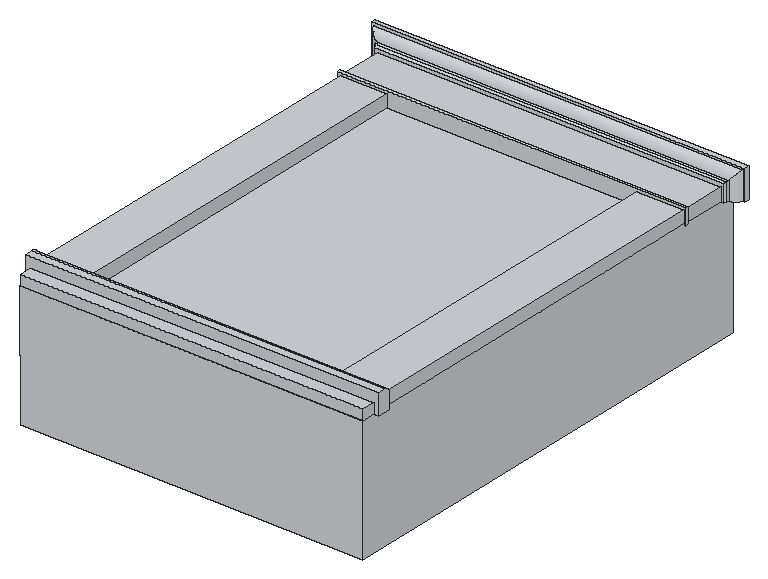
Revit family "09a0d176bbb245f18851703eb04c54eb", category Generic Models, host Face, Revit 2021
Family settings
  Host = Face
  Can host rebar = No
  Round Connector Dimension = Use Diameter
  Part Type = Normal
  Cut with Voids When Loaded = No
  Shared = Yes
  Room Calculation Point = No
Parameters (values of type "with Apron")
  Trim Width = 0' - 4 1/2"
  Trim Thickness = 0' - 1 1/4"
  Trim Material [instance] = none
  Sill Thickness = 0' - 1 1/4"
  Opening Width [instance] = 2' - 0"
  Opening Height [instance] = 3' - 0"
  Length = Cornice Thickness * 0.8  # 0' - 1.2"
  Default Elevation = 4' - 0"
  Cornice Thickness = 0' - 1 1/2"
  Cornice Depth = Trim Thickness + 0' 1 5/8"  # 0' - 2 7/8"
  Apron Visibility = yes
  Apron Thickness = 0' - 1 1/4"
Types (2): name | Apron Visibility
  with Apron | yes
  without Apron | no
Reference planes (in)
  plane 1 "Center (Front/Back)": y = 0
  plane 2: z = 0
  plane 3 "Center (Left/Right)": x = 0
  plane 4: y = 4.5
  plane 5 "Left": x = -12
  plane 6 "Right": x = 12
  plane 7 "Bottom": y = -36
  plane 8: x = 16.5
  plane 9 "1": x = -16.5
  plane 10: z = 1.25
  plane 11: x = 16.75
  plane 12: x = -16.75
  plane 13: y = -18
  plane 14: y = 6
  plane 15: z = 2.875
  plane 16: z = 2
  plane 17: x = -17.95
  plane 18: x = 17.95
  plane 19: y = -37.25
  plane 20: x = -17
  plane 21: x = 17
  plane 22: y = 5.35714
  plane 23: y = 4.92857
  plane 24: z = 1.5625
  plane 25: z = 1.5625
  plane 26: z = 2.4375
  plane 27: y = 5.78571
  plane 28: y = 5.14286
  plane 29: y = 4.71429
  plane 30: y = 5.57143
  plane 31: z = 2.65625
  plane 32: z = 2.76562
  plane 33: z = 2.54687
  plane 34: y = 5.89286
  plane 35: y = 5.57143
  plane 36: y = 5.14286
  plane 37: y = 4.71429
  plane 38: y = 4.92857
  plane 39: y = 5.78571
  plane 40: y = 5.35714
  plane 41: x = -17.55
  plane 42: x = -17.15
  plane 43: x = 17.15
  plane 44: x = 17.55
  plane 45: y = 0.25
  plane 46: z = 1.5
  plane 47: y = -38.5
  plane 48: z = 1
  plane 49: z = 1.78125
  plane 50: x = -17.75
  plane 51: x = -16.95
  plane 52: z = 2
  plane 53: z = 1.5
  plane 54: y = -36.5
  plane 55: x = 16.95
  plane 56: x = 17.75
Forms (in)
  Extrusion 1, solid
    sketch origin (0, 0, 0) x (1, 0, 0) y (0, 1, 0)
      loop
        line (-16.5, 6) -> (-16.5, -38.5) -> (16.5, -38.5) -> (16.5, 6) -> (-16.5, 6)
    from 0 to -12
  Extrusion 2, solid, material <- "Trim Material"
    sketch origin (0, 0, 0) x (1, 0, 0) y (0, 1, 0)
      loop
        line (-16.5, -36) -> (-12, -36) -> (-12, 0) -> (12, 0) -> (12, -36) -> (16.5, -36) -> (16.5, 4.5) -> (-16.5, 4.5) -> (-16.5, -36)
    from 0 to 1.25
  Extrusion 3, solid, material <- "Trim Material"
    sketch origin (0, 0, 0) x (0, 1, 0) y (0, 0, 1)
      loop
        line (-36, 0) -> (-36, 1.5)
        arc (-36, 1.5) -> (-36.14645, 1.85355) -> (-36.5, 2) r 0.5
        line (-36.5, 2) -> (-37.25, 2) -> (-37.25, 0) -> (-36, 0)
    from -17 to 17
  Extrusion 4, solid, material <- "Trim Material"
    sketch origin (-16.5, 0, 0) x (0, -1, 0) y (0, 0, 1)
      loop
        line (-6, 0) -> (-4.5, 0) -> (-4.5, 1.5625)
        arc (-4.5, 1.5625) -> (-4.64461, 1.63517) -> (-4.71429, 1.78125) r 0.24972
        line (-4.71429, 1.78125) -> (-4.92857, 1.78125)
        arc (-4.92857, 1.78125) -> (-5.12992, 2.30697) -> (-5.57143, 2.65625) r 1.06348
        line (-5.57143, 2.65625) -> (-5.57143, 2.875) -> (-6, 2.875) -> (-6, 0)
    from -34.45 to 1.45
  Extrusion 5, void
    sketch origin (0, 0, 0) x (1, 0, 0) y (0, 1, 0)
      loop
        line (-17.95, 4.5) -> (-16.75, 4.5)
        arc (-16.75, 4.5) -> (-16.8153, 4.63953) -> (-16.95, 4.71429) r 0.25
        line (-16.95, 4.71429) -> (-16.95, 4.92857)
        arc (-16.95, 4.92857) -> (-17.43276, 5.147) -> (-17.75, 5.57143) r 1.0625
        line (-17.75, 5.57143) -> (-17.95, 5.57143) -> (-17.95, 4.5)
      loop
        line (16.75, 4.5) -> (17.95, 4.5) -> (17.95, 5.57143) -> (17.75, 5.57143)
        arc (17.75, 5.57143) -> (17.43276, 5.147) -> (16.95, 4.92857) r 1.0625
        line (16.95, 4.92857) -> (16.95, 4.71429)
        arc (16.95, 4.71429) -> (16.81533, 4.6395) -> (16.75, 4.5) r 0.2502
    from 0 to 2.875
  Extrusion 6, solid, material <- "Trim Material"
    sketch origin (0, 0, 0) x (1, 0, 0) y (0, 1, 0)
      loop
        line (-16.75, 0.25) -> (-16.75, 0) -> (16.75, 0) -> (16.75, 0.25) -> (-16.75, 0.25)
    from 0 to 1.5
  Extrusion 7, solid, material <- "Trim Material", visible <- "Apron Visibility"
    sketch origin (-12, 0, 0) x (0, 1, 0) y (0, 0, 1)
      loop
        line (-37.25, 1) -> (-38.5, 1) -> (-38.5, 0) -> (-37.25, 0) -> (-37.25, 1)
    from -4.5 to 28.5
Cuts and joins
  joined: Extrusion 2, Extrusion 6
  Extrusion 5 cuts Extrusion 4
Dimensions and locks (in)
  equal spacing: plane 5 "Left", plane 3 "Center (Left/Right)", plane 6 "Right"
  "Opening Width": plane 5 "Left" to plane 6 "Right"
  "Opening Height": plane 7 "Bottom" to plane 1 "Center (Front/Back)"
  "Trim Width": plane 9 "1" to plane 5 "Left"
  "Trim Width": plane 6 "Right" to plane 8
  "Trim Width": plane 1 "Center (Front/Back)" to plane 4
  locked: plane 12 to plane 9 "1" at 0.25
  locked: plane 8 to plane 11 at 0.25
  equal spacing: plane 7 "Bottom", plane 13, plane 1 "Center (Front/Back)"
  "Trim Thickness": plane 10 to plane 2
  "Length": plane 17 to plane 12
  "Length": plane 11 to plane 18
  "Cornice Thickness": plane 14 to plane 4
  "Sill Thickness": plane 7 "Bottom" to plane 19
  "Cornice Depth": plane 15 to plane 2
  locked: plane 20 to plane 9 "1" at 0.5
  locked: plane 8 to plane 21 at 0.5
  locked: plane 25 to plane 10 at 0.3125
  equal spacing: plane 15, plane 26, plane 16, plane 25
  equal spacing: plane 14, plane 27, plane 30, plane 22, plane 28, plane 23, plane 29, plane 4
  equal spacing: plane 15, plane 32, plane 31, plane 33, plane 26
  equal spacing: plane 14, plane 34, plane 27
  equal spacing: plane 14, plane 39, plane 35, plane 40, plane 36, plane 38, plane 37, plane 4
  equal spacing: plane 17, plane 41, plane 42, plane 12
  equal spacing: plane 11, plane 43, plane 44, plane 18
  locked: plane 45 to plane 1 "Center (Front/Back)" at 0.25
  locked: plane 46 to plane 10 at 0.25
  "Apron Thickness": plane 19 to plane 47
  locked: plane 48 to plane 2 at 1
  equal spacing: plane 16, plane 49, plane 25
  equal spacing: plane 17, plane 50, plane 41
  equal spacing: plane 42, plane 51, plane 12
  locked: plane 52 to plane 10 at 0.75
  locked: plane 52 to plane 53 at 0.5
  locked: plane 7 "Bottom" to plane 54 at 0.5
  equal spacing: plane 11, plane 55, plane 43
  equal spacing: plane 44, plane 56, plane 18
  radius of Extrusion 3 sketch curve = 0' - 0 1/2"
  locked: Extrusion 3 sketch curve to Extrusion 3 sketch curve (angle 90.00°)
  aligned and locked: plane 2 to Extrusion 1
  aligned and locked: level to Extrusion 1
  aligned and locked: Extrusion 2 sketch curve to plane 5 "Left"
  aligned and locked: Extrusion 2 sketch curve to plane 9 "1"
  aligned and locked: plane 7 "Bottom" to Extrusion 2 sketch curve  (x2)
  aligned and locked: plane 1 "Center (Front/Back)" to Extrusion 2 sketch curve
  aligned and locked: plane 8 to Extrusion 2 sketch curve
  aligned and locked: Extrusion 2 sketch curve to plane 6 "Right"
  aligned and locked: plane 10 to Extrusion 2
  aligned and locked: Extrusion 3 sketch curve to level
  aligned and locked: Extrusion 2 sketch curve to plane 4
  aligned and locked: plane 17 to Extrusion 4
  aligned and locked: plane 18 to Extrusion 4
  aligned and locked: plane 15 to Extrusion 5
  aligned and locked: Extrusion 5 to plane 2
  aligned and locked: plane 20 to Extrusion 3
  aligned and locked: Extrusion 3 to plane 21
  aligned and locked: plane 2 to Extrusion 4 sketch curve  (x2)
  aligned and locked: plane 4 to Extrusion 4 sketch curve  (x2)
  aligned and locked: plane 25 to Extrusion 4 sketch curve
  aligned and locked: plane 14 to Extrusion 4 sketch curve  (x2)
  aligned and locked: plane 17 to Extrusion 5 sketch curve  (x2)
  aligned and locked: plane 12 to Extrusion 5 sketch curve
  aligned and locked: Extrusion 5 sketch curve to plane 4  (x2)
  aligned and locked: plane 18 to Extrusion 5 sketch curve  (x2)
  aligned and locked: plane 4 to Extrusion 5 sketch curve
  aligned and locked: plane 35 to Extrusion 5 sketch curve
  aligned and locked: Extrusion 6 sketch curve to plane 1 "Center (Front/Back)"
  aligned and locked: Extrusion 6 sketch curve to plane 45
  aligned and locked: Extrusion 6 sketch curve to plane 12
  aligned and locked: plane 11 to Extrusion 6 sketch curve
  aligned and locked: plane 46 to Extrusion 6
  aligned and locked: plane 47 to Extrusion 7 sketch curve
  aligned and locked: plane 48 to Extrusion 7 sketch curve
  aligned and locked: Extrusion 7 sketch curve to plane 19
  aligned and locked: plane 2 to Extrusion 7 sketch curve
  aligned and locked: Extrusion 7 to plane 8
  aligned and locked: plane 9 "1" to Extrusion 7
  aligned and locked: cut or joined group of Extrusion 2, Extrusion 6 to plane 2
  aligned and locked: plane 29 to Extrusion 4 sketch curve
  aligned and locked: plane 23 to Extrusion 4 sketch curve
  aligned and locked: Extrusion 4 sketch curve to plane 49
  aligned and locked: plane 31 to Extrusion 4 sketch curve
  aligned and locked: plane 15 to Extrusion 4 sketch curve
  aligned and locked: Extrusion 4 sketch curve to plane 30
  aligned and locked: Extrusion 4 sketch curve to plane 15
  aligned and locked: plane 38 to Extrusion 5 sketch curve  (x2)
  aligned and locked: plane 37 to Extrusion 5 sketch curve  (x2)
  aligned and locked: plane 51 to Extrusion 5 sketch curve
  aligned and locked: plane 50 to Extrusion 5 sketch curve
  aligned and locked: plane 54 to Extrusion 3 sketch curve
  aligned and locked: plane 52 to Extrusion 3 sketch curve
  aligned and locked: plane 53 to Extrusion 3 sketch curve
  aligned and locked: plane 19 to Extrusion 3 sketch curve
  aligned and locked: Extrusion 3 sketch curve to plane 52
  aligned and locked: plane 11 to Extrusion 5 sketch curve
  aligned and locked: Extrusion 5 sketch curve to plane 55
  aligned and locked: plane 56 to Extrusion 5 sketch curve
  aligned and locked: Extrusion 5 sketch curve to plane 35
Automatic sketch dimensions
  Extrusion 1 sketch curve to Extrusion 1 sketch curve = 2' - 9"
  Extrusion 1 sketch curve to Extrusion 1 sketch curve = 3' - 8 1/2"
  Extrusion 4 sketch curve to plane 14 = 0' - 0.01304"
  plane 49 to Extrusion 4 sketch curve = 0' - 0.02867"
  Extrusion 5 sketch curve to plane 35 = 0' - 0"
  plane 20 to Extrusion 5 sketch curve = 0' - 0.00194"
  plane 12 to Extrusion 5 sketch curve = 0' - 0.01722"
  Extrusion 5 sketch curve to plane 11 = 0' - 0.01722"
  plane 21 to Extrusion 5 sketch curve = 0' - 0.00176"
